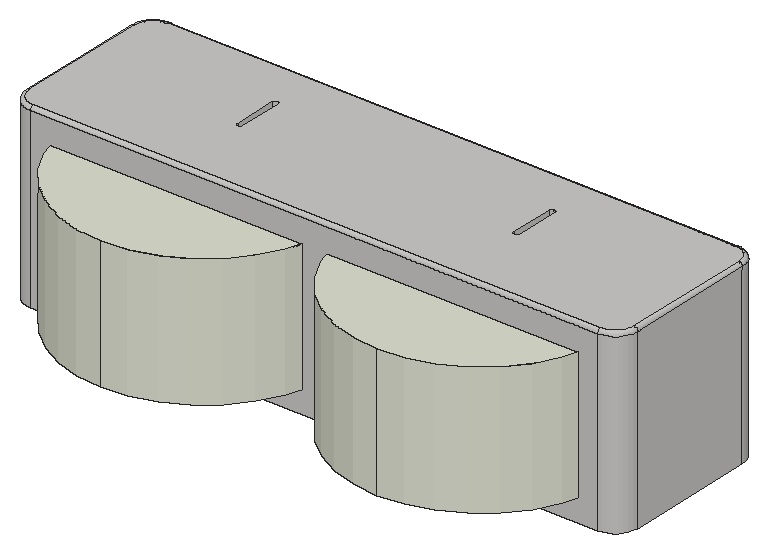
Revit family "Toilet_Tissue_Dispenser-Bradley_Corp-Coreless_Jumbo_Dual_Roll_Surface_Mount-5426-11", category Specialty Equipment, host Face, Revit 2018
Family settings
  Host = Face
  Round Connector Dimension = Use Diameter
  Part Type = Normal
  Cut with Voids When Loaded = No
  Shared = No
  Room Calculation Point = No
Parameters (values of type "5426-11")
  Width = 21.000"
  Warranty Information = "Complete Unit 1 Year Warranty. This Warranty does not cover installation or any other labor charges and does not apply to any units which have been damaged by abuse, improper installation, imporper maintanence, or altered in any way."
  Version = "1.0"
  Unit Material = Metal - Bradley Corp - Stainless Steel - Satin
  URL = "http://www.bradleycorp.com/"
  Type Comments = ""
  Technical Data = "n/a"
  Specifications URL = ""
  Product Tech Data URL - English = "https://www.bradleycorp.com/mediamanager/view/19964/5426-11_TPDispenser.pdf"
  Product Page URL = "https://www.bradleycorp.com/product/surface-mounted-coreless-jumbo-dual-roll-toilet-paper-dispenser"
  Percentage of Recycled Content = 0
  Paper Product Visibility [instance] = yes
  OmniClass Title = "Toilet Paper Dispensers"
  OmniClass Code = "23.31.25.21"
  Modeling Code = "n/a"
  Model = "5426-11"
  Material Note = "n/a"
  MasterFormat Title = "Toilet, Bath, and Laundry Accessories"
  MasterFormat Number = "10 28 00"
  Manufacturer = "Bradley Corporation"
  Low Emitting Material = no
  LEED Credit = ""
  Industry Standards = "n/a"
  Height = 11.375"
  Fire Rating = "n/a"
  Description = "Toilet Tissue Dispenser - Coreless Jumbo Dual Roll"
  Depth = 6.188"
  Default Elevation = 0.000"
  Copyright = "This Model is Property of Bradley Corporation"
  Complies to NAFTA = "n/a"
  Buy American Act = "To Be Determined"
  Assembly Code = "C1030200"
  ADA Compliant = "Yes"
  5952 Paper Roll Visibility = no
Reference planes (in)
  plane 1: y = 0
  plane 2: z = 0
  plane 3 "Center (Left/Right)": x = 0
  plane 4 "Top": y = 5.6875
  plane 5 "Left": x = -10.5
  plane 6 "Right": x = 10.5
  plane 7 "Bottom": y = -3.5625
  plane 8 "Front": z = 6.188
  plane 9 "Center L/S": y = -0.3125
  plane 10 "C.O. Spindle 2": x = 4.75
  plane 11 "C.O. Spindle 1": x = -4.75
  plane 12 "C.O. Spindle": y = 0.9375
  plane 13 "FLOOR": y = -21.5625
  plane 14 "Mounting-Horizontal": y = 4.8125
  plane 15 "C.O. Mounting Left": x = -8
  plane 16 "C.O. Mounting-Right": x = 8
Forms (in)
  Extrusion 1, solid, material "Metal - Bradley Corp - Stainless Steel - Satin" <- "Unit Material"
    sketch origin (0, 0, 5.33326) x (-1, 0, 0) y (0, -1, 0)
      loop
        arc (9.75, -5.6875) -> (10.28033, -5.46783) -> (10.5, -4.9375) r 0.75
        line (10.5, -4.9375) -> (10.5, -0.4375)
        arc (10.5, -0.4375) -> (10.28033, 0.09283) -> (9.75, 0.3125) r 0.75
        line (9.75, 0.3125) -> (-9.75, 0.3125)
        arc (-9.75, 0.3125) -> (-10.28033, 0.09283) -> (-10.5, -0.4375) r 0.75
        line (-10.5, -0.4375) -> (-10.5, -4.9375)
        arc (-10.5, -4.9375) -> (-10.28033, -5.46783) -> (-9.75, -5.6875) r 0.75
        line (-9.75, -5.6875) -> (9.75, -5.6875)
    from -5.33326 to 0.85474
  Extrusion 2, solid, material "Paper - Bradley Corp- White", visible <- "Paper Product Visibility"
    sketch origin (5.6875, 0.9375, 3) x (0, 1, 0) y (-1, 0, 0)
      loop
        circle (0, 0.9375) r 4.5
    from -2.25 to 2.25
  Extrusion 3, solid, material "Paper - Bradley Corp- White", visible <- "Paper Product Visibility"
    sketch origin (-5.6875, 0.9375, 3) x (0, 1, 0) y (-1, 0, 0)
      loop
        circle (0, -0.9375) r 4.5
    from -2.25 to 2.25
  Extrusion 4, void
    sketch origin (5.07783, 0.29405, 6.188) x (0, -1, 0) y (1, 0, 0)
      loop
        arc (-2.14345, -0.42783) -> (-2.04345, -0.32783) -> (-2.14345, -0.22783) r 0.1
        line (-2.14345, -0.22783) -> (-3.64345, -0.22783)
        arc (-3.64345, -0.22783) -> (-3.74345, -0.32783) -> (-3.64345, -0.42783) r 0.1
        line (-3.64345, -0.42783) -> (-2.14345, -0.42783)
    from -0.938 to 0.25
  Extrusion 5, void
    sketch origin (-5.07783, 0.29405, 6.188) x (0, -1, 0) y (1, 0, 0)
      loop
        line (-2.14345, 0.42783) -> (-3.64345, 0.42783)
        arc (-3.64345, 0.42783) -> (-3.74345, 0.32783) -> (-3.64345, 0.22783) r 0.1
        line (-3.64345, 0.22783) -> (-2.14345, 0.22783)
        arc (-2.14345, 0.22783) -> (-2.04345, 0.32783) -> (-2.14345, 0.42783) r 0.1
    from -0.938 to 0.25
  Sweep 6, void
    path origin (0, 0, 6.188) x (-1, 0, 0) y (0, -1, 0)
      loop
        line (-9.75, -5.5625) -> (9.75, -5.5625)
        arc (9.75, -5.5625) -> (10.19194, -5.37944) -> (10.375, -4.9375) r 0.625
        line (10.375, -4.9375) -> (10.375, -0.4375)
        arc (10.375, -0.4375) -> (10.19194, 0.00444) -> (9.75, 0.1875) r 0.625
        line (9.75, 0.1875) -> (-9.75, 0.1875)
        arc (-9.75, 0.1875) -> (-10.19194, 0.00444) -> (-10.375, -0.4375) r 0.625
        line (-10.375, -0.4375) -> (-10.375, -4.9375)
        arc (-10.375, -4.9375) -> (-10.19194, -5.37944) -> (-9.75, -5.5625) r 0.625
    profile origin (0, 5.5625, 6.188) x (0, -1, 0) y (0, 0, 1)
      loop
        line (0, 0) -> (0, 0.05975) -> (-0.20856, 0.05975) -> (-0.20856, -0.125) -> (-0.125, -0.125)
        arc (-0.125, -0.125) -> (-0.08839, -0.03661) -> (0, 0) r 0.125
Cuts and joins
  Extrusion 4, Extrusion 5, Sweep 6 cuts Extrusion 1
Dimensions and locks (in)
  plane 4 "Top" to plane 7 "Bottom" = 9.250"
  equal spacing: plane 6 "Right", plane 3 "Center (Left/Right)", plane 5 "Left"
  "Width": plane 6 "Right" to plane 5 "Left"
  "Depth": plane 8 "Front" to plane 2
  plane 5 "Left" to plane 6 "Right" = 21.000"
  plane 4 "Top" to plane 9 "Center L/S" = 6.000"
  plane 8 "Front" to plane 2 = 6.188"
  plane 5 "Left" to plane 3 "Center (Left/Right)" to plane 6 "Right" = 10.500", 10.500"
  locked: plane 7 "Bottom" to plane 13 "FLOOR" at 18
  plane 5 "Left" to plane 15 "C.O. Mounting Left" = 2.500"
  plane 16 "C.O. Mounting-Right" to plane 6 "Right" = 2.500"
  aligned and locked: host face to plane 2
  aligned and locked: level to host face
  aligned and locked: Extrusion 1 to plane 2
  aligned and locked: plane 8 "Front" to Extrusion 1
Automatic sketch dimensions
  host sketch curve to host sketch curve = 24.35236"
  host sketch curve to host sketch curve = 14.38567"
  Extrusion 1 sketch curve to plane 6 "Right" = 0.000"
  Extrusion 1 sketch curve to plane 9 "Center L/S" = 0.000"
  Extrusion 1 sketch curve to plane 4 "Top" = 0.000"
  Extrusion 1 sketch curve to plane 5 "Left" = 0.000"
  Extrusion 1 sketch curve to plane 6 "Right" = 0.750"
  Extrusion 1 sketch curve to plane 4 "Top" = 0.750"
  Extrusion 1 sketch curve to Extrusion 1 sketch curve = 0.750"
  plane 5 "Left" to Extrusion 1 sketch curve = 0.750"
  Extrusion 1 sketch curve to plane 1 = 0.4375"
  Extrusion 2 sketch curve to plane 10 "C.O. Spindle 2" = 0.000"
  plane 12 "C.O. Spindle" to Extrusion 2 sketch curve = 0.000"
  Extrusion 3 sketch curve to plane 11 "C.O. Spindle 1" = 0.000"
  plane 12 "C.O. Spindle" to Extrusion 3 sketch curve = 0.000"
  Extrusion 4 sketch curve to plane 10 "C.O. Spindle 2" = 0.000"
  plane 10 "C.O. Spindle 2" to Extrusion 4 sketch curve = 0.100"
  Extrusion 4 sketch curve to plane 4 "Top" = 1.750"
  Extrusion 4 sketch curve to Extrusion 4 sketch curve = 1.500"
  Extrusion 5 sketch curve to plane 11 "C.O. Spindle 1" = 0.000"
  plane 11 "C.O. Spindle 1" to Extrusion 5 sketch curve = 0.100"
  plane 4 "Top" to Extrusion 5 sketch curve = 1.750"
  Extrusion 5 sketch curve to Extrusion 5 sketch curve = 1.500"
  Sweep 6 sketch curve to profile plane = 0.000"
  plane 8 "Front" to Sweep 6 sketch curve = 0.05975"
  Sweep 6 sketch curve to plane 8 "Front" = 0.125"  (x2)
  Sweep 6 sketch curve to Sweep 6 sketch curve = 0.08356"
  Sweep 6 sketch curve to plane 8 "Front" = 0.000"
  radius of Extrusion 2 sketch curve = 4.500"
  radius of Extrusion 3 sketch curve = 4.500"
